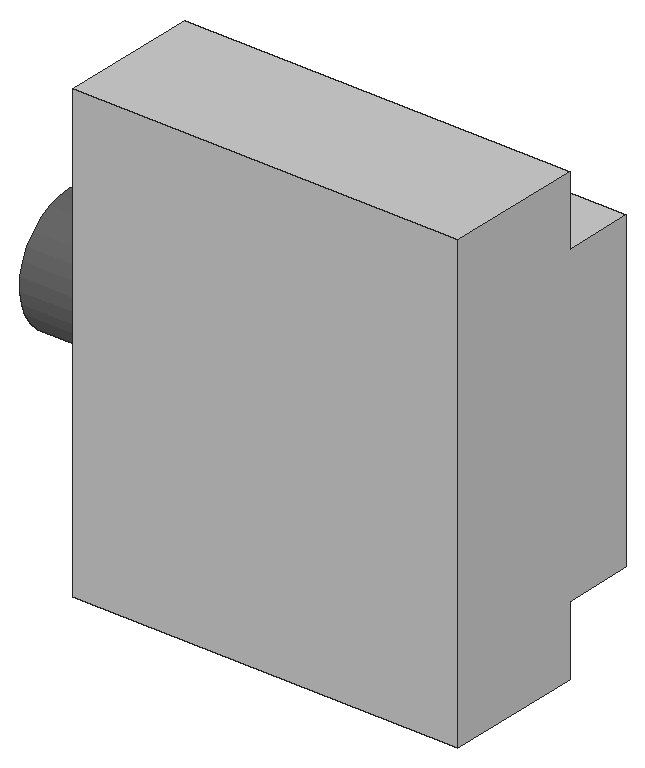
Revit family "Isolator_Single Phase_Vertically Mounted", category Electrical Fixtures, Revit 2014
Parameters (values of type "#A")
  Yes = 1 = 1  # yes
  Symbol_Offset_Maximum [instance] = 2500 mm  # constant formula
  Symbol_Offset_From Wall [instance] = 0 mm
  Symbol_Offset_Calculated [instance] = Symbol_Offset_Maximum - Symbol_Offset_Along Wall  # 2500 mm
  Symbol_Offset_Along Wall [instance] = 0 mm
  Rating Visibility = if(Electrical_Current_Rated_Full Load = 0 A, No, Yes)  # no
  Number of phases label = 1  # constant formula
  No = 1 = 0  # no
  Material = Isolator Body
  Load Classification = Power
  Identity_Reference [instance] = ""
  Identity_Level [instance] = ""
  General_Weatherproof = no
  General_Associated Equipment [instance] = ""
  Electrical_Voltage = 230 V
  Electrical_Power_Apparent = 0 VA
  Electrical_Power Factor = 1
  Electrical_Number of Poles = 1
  Electrical_Current_Rated_Full Load = 0 A
  Dimensions_Height_Offset_Insertion [instance] = if(General_Mounting_Method_Top, 0 mm, if(General_Mounting_Method_Middle, Dimensions_Height / 2, if(General_Mounting_Method_Bottom, Dimensions_Height, 0 mm)))  # 0 mm
  Identity_NRM1_Description = "Power Installation"
  Identity_NRM1_Code = "5.8.2.1"
  Identity_Copyright = "Arup"  # constant formula
  Identity_Category = "PO"
  General_Mounting_Surface = yes
  General_Mounting_Method_Top [instance] = yes
  General_Mounting_Method_Middle [instance] = yes
  General_Mounting_Method_Bottom [instance] = no
  General_Mounting_Method [instance] = if(General_Mounting_Method_Top, "Top", if(General_Mounting_Method_Middle, "Middle", if(General_Mounting_Method_Bottom, "Bottom", "Top")))  # "Top"
  Dimensions_Width = 110 mm
  Dimensions_Height_Mounting [instance] = 1050 mm
  Dimensions_Height = 130 mm
  Dimensions_Depth = 60 mm
  Description = "Isolator - Single Phase"
  Control_Switch_Required = yes
  COBie.Type.NominalWidth [instance] = 60 mm
  COBie.Type.NominalLength [instance] = 110 mm
  COBie.Type.NominalHeight [instance] = 130 mm
  COBie.Type.Category = "L74611 : Power Supply Control Devices - Switches"
Types (2, lengths in mm): name | General_Weatherproof | Dimensions_Height_Offset_Insertion | General_Mounting_Method_Top | General_Mounting_Method | Description
  #A Weatherproof | yes | 65 | no | "Middle" | "Isolator - Single Phase Weatherproof"
  #A | no | 0 | yes | "Top" | "Isolator - Single Phase"
Reference planes
  plane 1 "Center (Front/Back)": y = 0
  plane 2: z = 0
  plane 3 "Center (Left/Right)": x = 0
  plane 4 "Symbol Offset Along Wall": x = 0
  plane 5: x = 2500
  plane 6 "Symbol Offset From Wall": y = 0
  plane 7: z = 1050
  plane 8: z = 1050
Dimensions and locks
  "Symbol_Offset_Maximum": plane 3 "Center (Left/Right)" to plane 5
  "Symbol_Offset_Calculated": plane 4 "Symbol Offset Along Wall" to plane 5
  "Dimensions_Height_Offset_Insertion": plane 7 to plane 8
  "Symbol_Offset_From Wall": plane 6 "Symbol Offset From Wall" to plane 1 "Center (Front/Back)"
  "Dimensions_Height_Mounting": plane 8 to level
  "COBie.Type.NominalLength": nested 1 to nested 1
  "COBie.Type.NominalHeight": nested 1 to nested 1
  "COBie.Type.NominalWidth": nested 1 to nested 1
  aligned and locked: level to plane 2
  aligned and locked: plane 4 "Symbol Offset Along Wall" to nested 2
  aligned and locked: nested 2 to plane 6 "Symbol Offset From Wall"
  aligned and locked: plane 7 to nested 1
Nested families
  nested 1: "Isolator Geometry" at (0, 0, 985) x (-1, 0, 0) z (0, 1, 0), type "Isolator Geometry", detail levels fine
    with Length 110 mm, Height 130 mm
  nested 2: "Isolator_Symbol" at (0, 0, 0), type "Isolator_Symbol", detail levels coarse+medium
    with Weatherproof no, Rating Visibility no
Connectors
  electrical at (0, 0, 1050), driven by "Electrical_Power_Apparent", driven by "Load Classification", driven by "Electrical_Voltage", driven by "Electrical_Power Factor", driven by "Electrical_Number of Poles"
    settings: on nested 1, index 1, voltage 230 V, apparent load 0 VA, apparent load phase1 0 VA, apparent load phase2 0 VA, apparent load phase3 0 VA, power factor 1, load classification "Power", number of poles 1, system type 31, power factor state 1, is connector primary yes, connector utility no, sub classification motor no, connector description "Power"
Definition of nested family "Isolator Geometry"
  Parameters (values of type "Isolator Geometry")
    Material = Isolator Body
    Length = 168 mm
    Height = 129 mm
    Depth = 60 mm
  Reference planes
    plane 1 "Center (Front/Back)": y = 0
    plane 2: z = 0
    plane 3 "Center (Left/Right)": x = 0
    plane 4: x = -84
    plane 5: x = 84
    plane 6: x = 109
    plane 7: y = 64.5
    plane 8: y = -64.5
    plane 9: z = 60
    plane 10: z = 40
    plane 11: z = 30
  Forms (mm)
    Extrusion 1, solid, material "Isolator Body" <- "Material", detail levels fine
      sketch origin (0, 65, 0) x (0, 1, 0) y (0, 0, 1)
        loop
          line (-0.5, 0) -> (-0.5, 40) -> (-20.5, 40) -> (-20.5, 60) -> (-109.5, 60) -> (-109.5, 40) -> (-129.5, 40) -> (-129.5, 0) -> (-0.5, 0)
      from -84 to 84
    Extrusion 2, solid, material "Isolator Switch", detail levels fine
      sketch origin (0, 65, 0) x (0, 1, 0) y (0, 0, 1)
        loop
          line (-50.985, 40.48) -> (-27.877, 63.588) -> (-31.412, 67.123) -> (-54.52, 44.015)
          arc (-54.52, 44.015) -> (-77.374, 17.626) -> (-50.985, 40.48) r 17.5
      from 84 to 109
  Dimensions and locks
    equal spacing: plane 4, plane 3 "Center (Left/Right)", plane 5
    "Length": plane 4 to plane 5
    locked: plane 5 to plane 6 at 25
    equal spacing: plane 7, plane 1 "Center (Front/Back)", plane 8
    "Height": plane 7 to plane 8
    "Depth": plane 9 to plane 2
    locked: plane 9 to plane 10 at 20
    equal spacing: plane 9, plane 11, plane 2
    aligned and locked: level to plane 2
    aligned and locked: plane 7 to Extrusion 1
    aligned and locked: Extrusion 1 to plane 8
    aligned and locked: Extrusion 1 to plane 4
    aligned and locked: plane 5 to Extrusion 1
    aligned and locked: plane 6 to Extrusion 2
    aligned and locked: plane 11 to Extrusion 2 sketch curve
    aligned and locked: plane 9 to Extrusion 1
    aligned and locked: plane 10 to Extrusion 1  (x2)
    aligned and locked: Extrusion 2 to plane 5
  Automatic sketch dimensions
    Extrusion 1 sketch curve to level = 0 mm
    plane 1 "Center (Front/Back)" to Extrusion 1 sketch curve = 64.5 mm
    level to Extrusion 1 sketch curve = 40 mm  (x2)
    Extrusion 1 sketch curve to Extrusion 1 sketch curve = 20 mm  (x3)
    Extrusion 1 sketch curve to plane 1 "Center (Front/Back)" = 44.5 mm
    Extrusion 2 sketch curve to plane 1 "Center (Front/Back)" = 10.48 mm
    Extrusion 2 sketch curve to plane 1 "Center (Front/Back)" = 14.015 mm
    Extrusion 2 sketch curve to plane 1 "Center (Front/Back)" = 0 mm
    Extrusion 2 sketch curve to Extrusion 2 sketch curve = 23.108 mm
    Extrusion 2 sketch curve to Extrusion 2 sketch curve = 3.536 mm  (x2)
Definition of nested family "Isolator_Symbol"
  Parameters (values of type "Standard")
    Weatherproof = yes
    Rating Visibility = yes
    Rating Label = 0 A
    Phases = 1
    Equipment Served Label = ""
  Reference planes
    plane 1: y = 0
    plane 2: x = 0
  Lines and regions (mm)
    Filled region 1, type "Filled region white"
      outline origin (0, 0, 0) x (1, 0, 0) y (0, 1, 0)
        loop
          line (-3.125, 0) -> (3.125, 0) -> (3.125, 3.125) -> (-3.125, 3.125) -> (-3.125, 0)
    Filled region 2, type "Filled region white"
      outline origin (0, 6.25, 0) x (0, -1, 0) y (1, 0, 0)
        loop
          line (0, -3.125) -> (3.125, -3.125) -> (3.125, 3.125) -> (0, 3.125) -> (0, -3.125)
    detail lines, style "Power Socket Main"
      curve 1: line (-3.125, 3.125, 0) -> (-4.625, 3.125, 0)
      curve 2: line (-4.625, 3.125, 0) -> (-4.625, 5.125, 0)
  Text (mm)
    label "Rating" at (-0.01, 4.563, 0), shows "Rating Label", visible <- "Rating Visibility"
    text "WP" at (-1.946, 12.747, 0), visible <- "Weatherproof"
    label "FCU" at (-0.01, 8.364, 0), shows "Equipment Served Label"
    label "PhasesPH" at (-0.01, 1.438, 0), shows "Phases"
